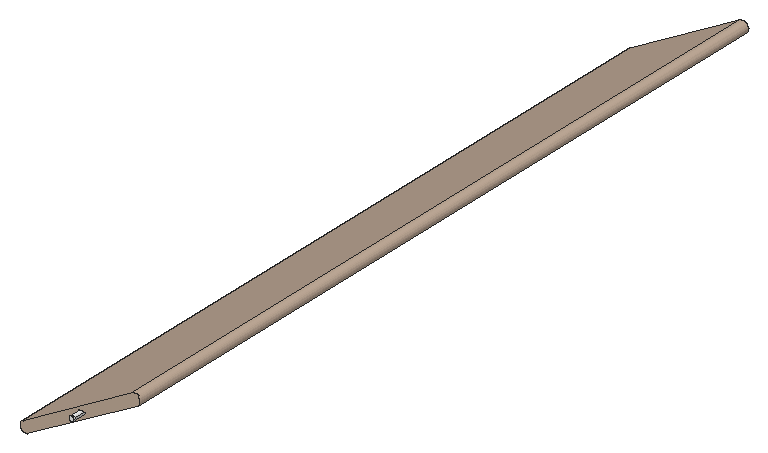
Revit family "Ombreggiamento_fam", category Generic Models, Revit 2014
Parameters (values of type "Ombreggiamento_Largo")
  TPP_Alluminio montante [instance] = Aluminum 1100-H14
  TPP_Alluminio [instance] = Aluminum, Anodized Bronze
  Spessore_pala [instance] = 0.9967 cm
  Lunghezza_Pala [instance] = 67 cm
Types (3, lengths in cm): name | TPP_Alluminio montante | TPP_Alluminio | Lunghezza_Pala
  (no name) | Aluminum 1100-H14 | Aluminum, Anodized Bronze | 67
  Ombreggiamento_Largo | Aluminum 1100-H14 | Aluminum, Anodized Bronze | 67
  Ombreggiamento_Stretto | none | Aluminum 1100-H14 | 33.5
Reference planes (cm)
  plane 1 "Center (Front/Back)": y = 0
  plane 2: z = 0
  plane 3 "Center (Left/Right)": x = 0
  plane 4: through (-7.1156, 0, -2.4954) normal (0.5, 0, -0.866)
  plane 5: through (6.5042, 0, 4.2405) normal (-0.5001, 0, 0.866)
  plane 6: y = -25
  plane 7: y = 42
  plane 8: z = 5.0848
Forms (cm)
  Extrusion 1, solid, material "Aluminum, Anodized Bronze" <- "TPP_Alluminio"
    sketch origin (0, 0, 0.0064) x (1, 0, 0) y (0, 0, 1)
      loop
        arc (-7.1136, -2.4988) -> (-7.2927, -3.1735) -> (-6.6155, -3.3424) r 0.4899
        line (-6.6155, -3.3424) -> (3.0693, 2.2504)
        arc (3.0693, 2.2504) -> (3.1121, 2.892) -> (2.4878, 3.0459) r 0.5003
        line (2.4878, 3.0459) -> (-7.1136, -2.4988)
      loop
        circle (-2.018, -0.1116) r 0.2032
    from -42 to 25
  Extrusion 2, solid, material "Aluminum 1100-H14" <- "TPP_Alluminio montante"
    sketch origin (0.2014, 0, 0) x (1, 0, 0) y (0, 0, 1)
      loop
        circle (-2.2212, -0.1052) r 0.205
    from -42.998 to 25.9998
Dimensions and locks (cm)
  "Lunghezza_Pala": plane 7 to plane 6
  "Spessore_pala": Extrusion 1 to plane 4
  aligned and locked: level to plane 2
  aligned and locked: plane 5 to Extrusion 1
  aligned and locked: plane 7 to Extrusion 1
  aligned and locked: plane 6 to Extrusion 1  (x2)
  aligned and locked: Extrusion 1 to plane 7
Automatic sketch dimensions
  plane 5 to Extrusion 1 sketch curve = 0 cm  (x2)
  Extrusion 1 sketch curve to level = 2.4924 cm
  Extrusion 1 sketch curve to plane 3 "Center (Left/Right)" = 7.1136 cm
  Extrusion 1 sketch curve to Extrusion 1 sketch curve = 0.2427 cm
  Extrusion 1 sketch curve to level = 3.336 cm
  Extrusion 1 sketch curve to plane 3 "Center (Left/Right)" = 2.018 cm
  Extrusion 1 sketch curve to level = 0.1052 cm
  plane 3 "Center (Left/Right)" to Extrusion 1 sketch curve = 2.4878 cm
  Extrusion 1 sketch curve to plane 8 = 2.0325 cm
  Extrusion 1 sketch curve to Extrusion 1 sketch curve = 0.2204 cm
  Extrusion 1 sketch curve to Extrusion 1 sketch curve = 0.7954 cm
  Extrusion 2 sketch curve to level = 0.1052 cm
  Extrusion 2 sketch curve to plane 3 "Center (Left/Right)" = 2.0198 cm
  radius of Extrusion 1 sketch curve = 0.2032 cm
  radius of Extrusion 2 sketch curve = 0.205 cm
